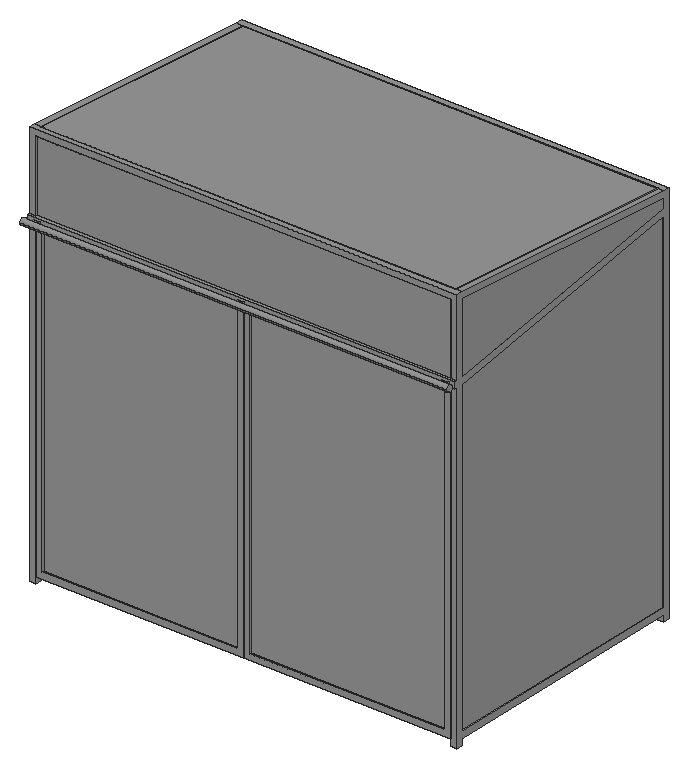
Revit family "Гараж для велосипедов «Модуль Velo» Арт 22242", category Антураж, Revit 2018
Family settings
  На основе рабочей плоскости = Нет
  Всегда вертикально = Да
  При загрузке вырезать с полостями = Нет
  Источник визуального образа = Геометрия семейства
  Общий = Нет
  Точка расчета площади = Нет
Parameters (values of type "Гараж для велосипедов «Модуль Velo»")
  Ширина = 1300 mm  # constant formula
  Цвет отделки = Дерево
  Цвет каркаса = Сталь
  Описание = "Гараж для велосипедов «Модуль Velo»"  # constant formula
  Материал изделия = "Сталь, дерево"  # constant formula
  Изображение типоразмера = Гараж для велосипедов «Модуль Velo» Арт 22242.jpg
  Изготовитель = "ООО «Хоббика»"  # constant formula
  Длина = 2100 mm  # constant formula
  Группа модели = "Навесы, перголы и ротонды"  # constant formula
  Высота = 2000 mm  # constant formula
  Артикул товара = "Арт. 22242"  # constant formula
  URL = "https://hobbyka.ru/product/garazh_dlya_velosipedov_modul_velo/"
Reference planes
  plane 1 "По центру (Вперед/Назад)": y = 0
  plane 2: z = 0
  plane 3 "По центру (Влево/Вправо)": x = 0
  plane 4: y = 1300
  plane 5: x = 2100
  plane 6: z = 2000
Forms (mm)
  Extrusion 1, solid, material "Сталь" <- "Цвет каркаса"
    sketch origin (0, 0, 0) x (0, 1, 0) y (0, 0, 1)
      loop
        line (0, 2000) -> (0, 1620) -> (-15, 1620) -> (-15, 1589.902) -> (0, 1589.902) -> (0, 0) -> (30, 0) -> (30, 30) -> (1270, 30) -> (1270, 0) -> (1300, 0) -> (1300, 1899.491) -> (1270, 1899.491) -> (30, 2000) -> (0, 2000)
      loop
        line (1270, 1869.393) -> (30, 1969.902) -> (30, 1619.902) -> (1270, 1819.393) -> (1270, 1869.393)
      loop
        line (1270, 60) -> (1270, 1789.007) -> (30, 1589.516) -> (30, 60) -> (1270, 60)
    from 0 to 30
  Extrusion 2, solid, material "Хром"
    sketch origin (0, 0, 0) x (0, 1, 0) y (0, 0, 1)
      loop
        circle (-45, 1604.951) r 15
    from 0 to 2100
  Extrusion 3, solid, material "Сталь" <- "Цвет каркаса"
    sketch origin (0, 0, 0) x (0, 1, 0) y (0, 0, 1)
      loop
        line (0, 2000) -> (0, 1620) -> (-15, 1620) -> (-15, 1589.902) -> (0, 1589.902) -> (0, 0) -> (30, 0) -> (30, 30) -> (1270, 30) -> (1270, 0) -> (1300, 0) -> (1300, 1899.491) -> (1270, 1899.491) -> (30, 2000) -> (0, 2000)
      loop
        line (1270, 1869.393) -> (30, 1969.902) -> (30, 1619.902) -> (1270, 1819.393) -> (1270, 1869.393)
      loop
        line (1270, 60) -> (1270, 1789.007) -> (30, 1589.516) -> (30, 60) -> (1270, 60)
    from 2070 to 2100
  Extrusion 4, solid, material "Сталь" <- "Цвет каркаса"
    sketch origin (0, 0, 0) x (0, 1, 0) y (0, 0, 1)
      loop
        line (1270, 1899.491) -> (1270, 1869.491) -> (1300, 1869.491) -> (1300, 1899.491) -> (1270, 1899.491)
      loop
        line (30, 2000) -> (0, 2000) -> (0, 1970) -> (30, 1970) -> (30, 2000)
      loop
        line (30, 1619.902) -> (-15, 1619.902) -> (-15, 1589.902) -> (30, 1589.902) -> (30, 1619.902)
      loop
        line (1270, 60) -> (1270, 30) -> (1300, 30) -> (1300, 60) -> (1270, 60)
      loop
        line (1270, 1819.393) -> (1270, 1789.393) -> (1300, 1789.393) -> (1300, 1819.393) -> (1270, 1819.393)
    from 30 to 2070
  Extrusion 5, solid, material "Сталь" <- "Цвет каркаса"
    sketch origin (0, 0, 0) x (0, 1, 0) y (0, 0, 1)
      loop
        line (1268, 1867.549) -> (32, 1967.733) -> (32, 1622.249) -> (1268, 1821.097) -> (1268, 1867.549)
    from 2 to 4
  Extrusion 6, solid, material "Сталь" <- "Цвет каркаса"
    sketch origin (0, 0, 0) x (0, 1, 0) y (0, 0, 1)
      loop
        line (1298, 1869.491) -> (1296, 1869.491) -> (1296, 1819.393) -> (1298, 1819.393) -> (1298, 1869.491)
      loop
        line (1270, 1899.491) -> (30, 2000) -> (30, 1997.993) -> (1270, 1897.485) -> (1270, 1899.491)
      loop
        line (2, 1968) -> (2, 1621.902) -> (4, 1621.902) -> (4, 1968) -> (2, 1968)
    from 30 to 2070
  Extrusion 7, solid, material "Сталь" <- "Цвет каркаса"
    sketch origin (0, 0, 0) x (0, 1, 0) y (0, 0, 1)
      loop
        line (1268, 1867.549) -> (32, 1967.733) -> (32, 1622.249) -> (1268, 1821.097) -> (1268, 1867.549)
    from 2096 to 2098
  Extrusion 8, solid, material "Сталь" <- "Цвет каркаса"
    sketch origin (0, 0, 0) x (1, 0, 0) y (0, 0, 1)
      loop
        line (1050, 1589.902) -> (30, 1589.902) -> (30, 30) -> (1050, 30) -> (1050, 1589.902)
      loop
        line (1020, 1559.902) -> (60, 1559.902) -> (60, 60) -> (1020, 60) -> (1020, 1559.902)
    from 0 to -25
  Extrusion 9, solid, material "Сталь" <- "Цвет каркаса"
    sketch origin (1020, 0, 0) x (1, 0, 0) y (0, 0, 1)
      loop
        line (1050, 1589.902) -> (30, 1589.902) -> (30, 30) -> (1050, 30) -> (1050, 1589.902)
      loop
        line (1020, 1559.902) -> (60, 1559.902) -> (60, 60) -> (1020, 60) -> (1020, 1559.902)
    from 0 to -25
  Extrusion 10, solid, material "Дерево" <- "Цвет отделки"
    sketch origin (0, 0, 0) x (1, 0, 0) y (0, 0, 1)
      loop
        line (60, 1559.902) -> (60, 60) -> (1020, 60) -> (1020, 1559.902) -> (60, 1559.902)
    from -10 to -20
  Extrusion 11, solid, material "Дерево" <- "Цвет отделки"
    sketch origin (1020, 0, 0) x (1, 0, 0) y (0, 0, 1)
      loop
        line (60, 1559.902) -> (60, 60) -> (1020, 60) -> (1020, 1559.902) -> (60, 1559.902)
    from -10 to -20
  Extrusion 12, solid, material "Дерево" <- "Цвет отделки"
    sketch origin (0, 0, 0) x (0, 1, 0) y (0, 0, 1)
      loop
        line (1270, 1789.007) -> (30, 1589.516) -> (30, 60) -> (1270, 60) -> (1270, 1789.007)
    from 10 to 20
  Extrusion 13, solid, material "Дерево" <- "Цвет отделки"
    sketch origin (0, 0, 0) x (0, 1, 0) y (0, 0, 1)
      loop
        line (1270, 1789.007) -> (30, 1589.516) -> (30, 60) -> (1270, 60) -> (1270, 1789.007)
    from 2080 to 2090
  Extrusion 14, solid, material "Дерево" <- "Цвет отделки"
    sketch origin (0, 0, 0) x (0, 1, 0) y (0, 0, 1)
      loop
        line (1290, 1789.393) -> (1280, 1789.393) -> (1280, 60) -> (1290, 60) -> (1290, 1789.393)
    from 30 to 2070
  Extrusion 15, solid, material "Сталь" <- "Цвет каркаса"
    sketch origin (0, 0, 0) x (0, 1, 0) y (0, 0, 1)
      loop
        line (-45, 1609.951) -> (-45, 1599.951) -> (-15, 1599.951) -> (-15, 1609.951) -> (-45, 1609.951)
    from 30 to 60
  Extrusion 16, solid, material "Сталь" <- "Цвет каркаса"
    sketch origin (0, 0, 0) x (0, 1, 0) y (0, 0, 1)
      loop
        line (-45, 1609.951) -> (-45, 1599.951) -> (-15, 1599.951) -> (-15, 1609.951) -> (-45, 1609.951)
    from 1035 to 1065
  Extrusion 17, solid, material "Сталь" <- "Цвет каркаса"
    sketch origin (0, 0, 0) x (0, 1, 0) y (0, 0, 1)
      loop
        line (-45, 1609.951) -> (-45, 1599.951) -> (-15, 1599.951) -> (-15, 1609.951) -> (-45, 1609.951)
    from 2040 to 2070
Cuts and joins
  joined: Extrusion 1, Extrusion 3, Extrusion 4, Extrusion 15, Extrusion 16, Extrusion 17
Dimensions and locks
  "Длина": plane 3 "По центру (Влево/Вправо)" to plane 5
  "Ширина": plane 4 to plane 1 "По центру (Вперед/Назад)"
  "Высота": plane 6 to plane 2
  aligned and locked: level to plane 2
Automatic sketch dimensions
  Extrusion 1 sketch curve to plane 1 "По центру (Вперед/Назад)" = 0 mm  (x2)
  Extrusion 1 sketch curve to plane 6 = 0 mm
  Extrusion 1 sketch curve to level = 0 mm  (x2)
  Extrusion 1 sketch curve to plane 4 = 0 mm
  plane 1 "По центру (Вперед/Назад)" to Extrusion 1 sketch curve = 15 mm
  Extrusion 1 sketch curve to plane 1 "По центру (Вперед/Назад)" = 30 mm  (x4)
  Extrusion 1 sketch curve to plane 4 = 30 mm  (x4)
  level to Extrusion 1 sketch curve = 30 mm
  Extrusion 1 sketch curve to Extrusion 1 sketch curve = 30 mm
  Extrusion 1 sketch curve to Extrusion 1 sketch curve = 410.484 mm
  Extrusion 1 sketch curve to Extrusion 1 sketch curve = 0.386 mm
  Extrusion 1 sketch curve to Extrusion 1 sketch curve = 30.386 mm  (x2)
  Extrusion 1 sketch curve to Extrusion 1 sketch curve = 0.098 mm
  Extrusion 1 sketch curve to plane 6 = 210.993 mm
  Extrusion 1 sketch curve to Extrusion 1 sketch curve = 50 mm
  Extrusion 1 sketch curve to Extrusion 1 sketch curve = 30.098 mm  (x2)
  plane 1 "По центру (Вперед/Назад)" to Extrusion 2 sketch curve = 45 mm
  Extrusion 2 sketch curve to plane 6 = 395.049 mm
  Extrusion 3 sketch curve to plane 1 "По центру (Вперед/Назад)" = 0 mm  (x2)
  Extrusion 3 sketch curve to plane 6 = 0 mm
  Extrusion 3 sketch curve to level = 0 mm  (x2)
  Extrusion 3 sketch curve to plane 4 = 0 mm
  plane 1 "По центру (Вперед/Назад)" to Extrusion 3 sketch curve = 15 mm
  Extrusion 3 sketch curve to plane 1 "По центру (Вперед/Назад)" = 30 mm  (x4)
  Extrusion 3 sketch curve to plane 4 = 30 mm  (x4)
  level to Extrusion 3 sketch curve = 30 mm
  Extrusion 3 sketch curve to Extrusion 3 sketch curve = 30 mm
  Extrusion 3 sketch curve to Extrusion 3 sketch curve = 410.484 mm
  Extrusion 3 sketch curve to Extrusion 3 sketch curve = 0.386 mm
  Extrusion 3 sketch curve to Extrusion 3 sketch curve = 30.386 mm  (x2)
  Extrusion 3 sketch curve to Extrusion 3 sketch curve = 0.098 mm
  Extrusion 3 sketch curve to plane 6 = 210.993 mm
  Extrusion 3 sketch curve to Extrusion 3 sketch curve = 50 mm
  Extrusion 3 sketch curve to Extrusion 3 sketch curve = 30.098 mm  (x2)
  Extrusion 4 sketch curve to plane 1 "По центру (Вперед/Назад)" = 0 mm
  Extrusion 4 sketch curve to plane 6 = 0 mm
  Extrusion 4 sketch curve to plane 4 = 0 mm  (x3)
  plane 1 "По центру (Вперед/Назад)" to Extrusion 4 sketch curve = 15 mm
  Extrusion 4 sketch curve to plane 1 "По центру (Вперед/Назад)" = 30 mm  (x2)
  Extrusion 4 sketch curve to plane 4 = 30 mm  (x3)
  Extrusion 4 sketch curve to Extrusion 4 sketch curve = 30 mm  (x4)
  Extrusion 4 sketch curve to plane 6 = 100.509 mm
  Extrusion 4 sketch curve to Extrusion 4 sketch curve = 50.098 mm
  Extrusion 4 sketch curve to Extrusion 4 sketch curve = 350.098 mm
  level to Extrusion 4 sketch curve = 60 mm
  level to Extrusion 4 sketch curve = 30 mm
  Extrusion 5 sketch curve to plane 1 "По центру (Вперед/Назад)" = 32 mm
  Extrusion 5 sketch curve to plane 4 = 32 mm
  Extrusion 5 sketch curve to plane 6 = 377.751 mm
  Extrusion 5 sketch curve to plane 6 = 178.903 mm
  Extrusion 5 sketch curve to Extrusion 5 sketch curve = 46.452 mm
  Extrusion 5 sketch curve to plane 6 = 32.267 mm
  Extrusion 6 sketch curve to plane 6 = 0 mm
  Extrusion 6 sketch curve to plane 1 "По центру (Вперед/Назад)" = 2 mm
  Extrusion 6 sketch curve to Extrusion 6 sketch curve = 2 mm
  Extrusion 6 sketch curve to plane 1 "По центру (Вперед/Назад)" = 30 mm
  Extrusion 6 sketch curve to plane 4 = 30 mm
  Extrusion 6 sketch curve to plane 4 = 4 mm
  Extrusion 6 sketch curve to plane 4 = 2 mm
  Extrusion 6 sketch curve to Extrusion 6 sketch curve = 2.007 mm  (x2)
  Extrusion 6 sketch curve to plane 6 = 32 mm
  Extrusion 6 sketch curve to plane 6 = 100.509 mm
  Extrusion 6 sketch curve to Extrusion 6 sketch curve = 27.993 mm
  Extrusion 6 sketch curve to Extrusion 6 sketch curve = 50.098 mm
  Extrusion 6 sketch curve to Extrusion 6 sketch curve = 346.098 mm
  Extrusion 7 sketch curve to plane 1 "По центру (Вперед/Назад)" = 32 mm
  Extrusion 7 sketch curve to plane 4 = 32 mm
  Extrusion 7 sketch curve to plane 6 = 377.751 mm
  Extrusion 7 sketch curve to plane 6 = 178.903 mm
  Extrusion 7 sketch curve to Extrusion 7 sketch curve = 46.452 mm
  Extrusion 7 sketch curve to plane 6 = 32.267 mm
  plane 3 "По центру (Влево/Вправо)" to Extrusion 8 sketch curve = 30 mm
  Extrusion 8 sketch curve to Extrusion 8 sketch curve = 30 mm  (x3)
  level to Extrusion 8 sketch curve = 60 mm
  Extrusion 8 sketch curve to Extrusion 8 sketch curve = 960 mm
  level to Extrusion 8 sketch curve = 30 mm
  Extrusion 8 sketch curve to plane 6 = 440.098 mm
  Extrusion 9 sketch curve to plane 6 = 410.098 mm
  plane 3 "По центру (Влево/Вправо)" to Extrusion 9 sketch curve = 1050 mm
  Extrusion 9 sketch curve to Extrusion 9 sketch curve = 30 mm  (x2)
  Extrusion 9 sketch curve to plane 5 = 60 mm
  Extrusion 9 sketch curve to plane 5 = 30 mm
  level to Extrusion 9 sketch curve = 60 mm
  level to Extrusion 9 sketch curve = 30 mm
  plane 3 "По центру (Влево/Вправо)" to Extrusion 10 sketch curve = 60 mm
  level to Extrusion 10 sketch curve = 60 mm
  Extrusion 10 sketch curve to Extrusion 10 sketch curve = 960 mm
  Extrusion 10 sketch curve to plane 6 = 440.098 mm
  level to Extrusion 11 sketch curve = 60 mm
  Extrusion 11 sketch curve to plane 5 = 1020 mm
  Extrusion 11 sketch curve to plane 5 = 60 mm
  Extrusion 11 sketch curve to plane 6 = 440.098 mm
  Extrusion 12 sketch curve to plane 1 "По центру (Вперед/Назад)" = 30 mm
  Extrusion 12 sketch curve to plane 4 = 30 mm
  level to Extrusion 12 sketch curve = 60 mm
  Extrusion 12 sketch curve to plane 6 = 410.484 mm
  Extrusion 12 sketch curve to plane 6 = 210.993 mm
  Extrusion 13 sketch curve to plane 1 "По центру (Вперед/Назад)" = 30 mm
  Extrusion 13 sketch curve to plane 4 = 30 mm
  level to Extrusion 13 sketch curve = 60 mm
  Extrusion 13 sketch curve to plane 6 = 410.484 mm
  Extrusion 13 sketch curve to plane 6 = 210.993 mm
  Extrusion 14 sketch curve to plane 4 = 20 mm
  Extrusion 14 sketch curve to plane 4 = 10 mm
  level to Extrusion 14 sketch curve = 60 mm
  Extrusion 14 sketch curve to plane 6 = 210.607 mm
  plane 1 "По центру (Вперед/Назад)" to Extrusion 15 sketch curve = 45 mm
  plane 1 "По центру (Вперед/Назад)" to Extrusion 15 sketch curve = 15 mm
  Extrusion 15 sketch curve to plane 6 = 400.049 mm
  Extrusion 15 sketch curve to Extrusion 15 sketch curve = 10 mm
  plane 1 "По центру (Вперед/Назад)" to Extrusion 16 sketch curve = 45 mm
  plane 1 "По центру (Вперед/Назад)" to Extrusion 16 sketch curve = 15 mm
  Extrusion 16 sketch curve to plane 6 = 400.049 mm
  Extrusion 16 sketch curve to Extrusion 16 sketch curve = 10 mm
  plane 1 "По центру (Вперед/Назад)" to Extrusion 17 sketch curve = 45 mm
  plane 1 "По центру (Вперед/Назад)" to Extrusion 17 sketch curve = 15 mm
  Extrusion 17 sketch curve to plane 6 = 400.049 mm
  Extrusion 17 sketch curve to Extrusion 17 sketch curve = 10 mm
  radius of Extrusion 2 sketch curve = 15 mm
